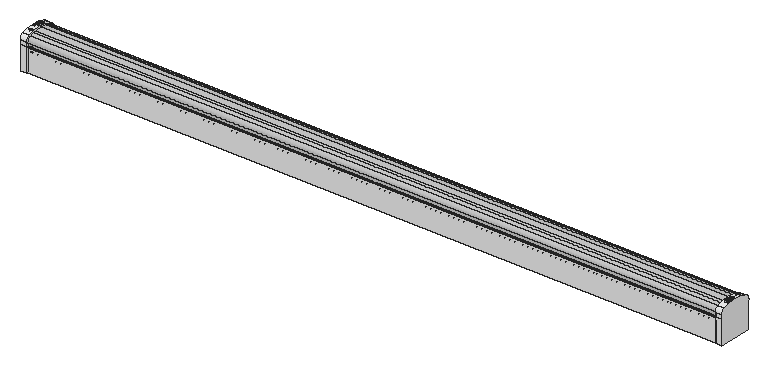
Revit family "Clevertronics_EPIC-1500-SEN-EM_AUB03510220001", category Lighting Fixtures, host Face, Revit 2020
Family settings
  Host = Face
  Round Connector Dimension = Use Diameter
  Part Type = Normal
  Cut with Voids When Loaded = No
  Light Source = Yes
  Shared = No
  Room Calculation Point = No
Parameters (values of type "EPIC-1500-SEN-EM_AUB03510220001")
  Wattage = 47.58 W
  built-in parameter 1150110 = 1 (stored number, unit not read)
  built-in parameter 1150109 = 1 (stored number, unit not read)
  built-in parameter 1150134 = 12
  built-in parameter 1150113 = 1 (stored number, unit not read)
  Tilt Angle = -90.00°
  Photometric Web File = "EPIC-1500-4K_IESA_G_TUV7191314725_20230817.IES"
  Model = "EPIC-1500-SEN-EM"
  Manufacturer = "Clevertronics"  # constant formula
  Emit from Line Length = 609.6 mm
  Description = "Epic 1500mm Diffused Emergency Batten, Switchable Colour"
  CreatedBy = ""
  Clevertronics_Width = 72 mm
  Clevertronics_Weight = "2.2 Kg"
  Clevertronics_Viewing Distance = "N/A"
  Clevertronics_Total Lumen Output = "6117 lm (128.6 lm/W)"
  Clevertronics_Testing System = "N/A"
  Clevertronics_Testing Node = "N/A"
  Clevertronics_Supply Current = "180mA +/- 20mA"
  Clevertronics_Replacement Battery = "Battery: 1560150"
  Clevertronics_Product Description = "Epic 1500mm Diffused Emergency Batten, Switchable Colour & Output"
  Clevertronics_Power Factor = "0.90 @ High Output"
  Clevertronics_Power Consumption = "47.58W"
  Clevertronics_Other Modules = ""  # constant formula
  Clevertronics_Operating Voltage = "220-240V~ 50Hz"
  Clevertronics_Operating Temperature = "1°C to 40°C"
  Clevertronics_Operating Mode = "SUSTAINED"
  Clevertronics_Mounting = "Surface Mount"
  Clevertronics_Material = Clevertronics_Plycarbonate Base
  Lumens = 6118.79 lm
  built-in parameter 1114217 = 1 (stored number, unit not read)
  built-in parameter 1150115 = 1 (stored number, unit not read)
  built-in parameter 1150105 = 486.92 (stored number, unit not read)
  built-in parameter 1150137 = 1
  built-in parameter 1150139 = (empty or 0)
  built-in parameter 1150112 = 1 (stored number, unit not read)
  built-in parameter 1150114 = 1 (stored number, unit not read)
  Lamp = "Dual LED strip module, 3000K warm white, 5700K cool white, >50,000hr life, Ra>80__L70/B50 Ta 40°C; Reported >54,000hr, Projected 158,000hr__L80/B50 Ta 40°C; Reported >54,000hr, Projected 99,000hr"
  built-in parameter 1150132 = (empty or 0)
  built-in parameter 1150102 = (empty or 0)
  built-in parameter 1150138 = (empty or 0)
  built-in parameter 1150107 = 4000 (stored number, unit not read)
  built-in parameter 1150106 = 4.8692 (stored number, unit not read)
  built-in parameter 1150104 = 11.947 (stored number, unit not read)
  Dimming Lamp Color Temperature Shift = <None>
  Default Elevation = 1200 mm
  Color Filter = 16777215
  Clevertronics_Stacked Symbol Position [instance] = 0
  Clevertronics_MIC Number = "AUB03510220001"
  Clevertronics_Length = 1533 mm
  Clevertronics_Inrush Current = "28.4A, <88µs"
  Clevertronics_Impact Rating = "IK03"
  Clevertronics_IP Rating = "IP20"
  Clevertronics_Height = 78 mm
  Clevertronics_Emergency Driver = "LED Driver : 1330069 EM Driver: AUM03670010001"
  Clevertronics_Earth Leakage = "0.152mA"
  Clevertronics_Driver/ Ballast = "LC 57W, 700-1050mA, flexC Ip SNC4"
  Clevertronics_Dimensions Main Enclosure = "L 1533mm x W 72mm x H 78mm"
  Clevertronics_Diffuser = "Co-extruded IP40 PC Diffuser Assembly"
  Clevertronics_Construction = "Powder Coated Sheet Metal Base, Co-extruded IP40 PC Diffuser Assembly, PC End Caps"
  Clevertronics_Charger Method = "Intelligent current limited constant voltage"
  Clevertronics_Battery Type = "Lithium Iron Phosphate"
  Clevertronics_Battery = "3.2V 3000mAh"
  Clevertronics_Applicable Standards = "AS/NZS3820, CISPR15, AS/NZS2293.3"
  Clevertronics_Annotation Vertical Offset [instance] = 0 mm
  Clevertronics_Annotation Size = 0 mm
  Clevertronics_Annotation Horizontal Offset [instance] = 0 mm
  Clevertronics_AS2293 Classification = "C0=D40 C90=D25"
  built-in parameter 1140040 [instance] = 1
  built-in parameter 1114218 = 1 (stored number, unit not read)
  built-in parameter 1150133 = 10 (stored number, unit not read)
  Assembly Code = ""
  Apparent Load = 0 VA
Reference planes
  plane 1 "Center (Front/Back)": y = 0
  plane 2: z = 0
  plane 3 "Center (Left/Right)": x = 0
  plane 4: y = -16.746
  plane 5: x = 759.289
Forms (mm)
  Extrusion 1, solid, material "Clevertronics_Metal, Powder Coated, White"
    sketch origin (0, 0, 0) x (0, 1, 0) y (0, 0, 1)
      loop
        line (-34, 47.888) -> (-34, 0) -> (34, 0) -> (34, 47.888) -> (-34, 47.888)
    from -752.5 to 752.5
  Extrusion 2, solid, material "Clevertronics_Metal, Powder Coated, White"
    sketch origin (0, 0, 0) x (0, 1, 0) y (0, 0, 1)
      loop
        line (-36, 52.408) -> (-36, 0) -> (36, 0) -> (36, 52.408) -> (36, 60.131)
        arc (36, 60.131) -> (33.916, 66.575) -> (28.656, 70.839) r 11.905
        arc (28.656, 70.839) -> (14.609, 75.128) -> (0, 76.645) r 76.257
        arc (0, 76.645) -> (-14.609, 75.128) -> (-28.656, 70.839) r 76.257
        arc (-28.656, 70.839) -> (-33.916, 66.575) -> (-36, 60.131) r 11.905
        line (-36, 60.131) -> (-36, 52.408)
    from 752.5 to 766.5
  Extrusion 3, solid, material "Clevertronics_Metal, Powder Coated, White"
    sketch origin (0, 0, 0) x (0, 1, 0) y (0, 0, -1)
      loop
        line (-36, -52.408) -> (-36, -60.131)
        arc (-36, -60.131) -> (-33.916, -66.575) -> (-28.656, -70.839) r 11.905
        arc (-28.656, -70.839) -> (-14.609, -75.128) -> (0, -76.645) r 76.257
        arc (0, -76.645) -> (14.609, -75.128) -> (28.656, -70.839) r 76.257
        arc (28.656, -70.839) -> (33.916, -66.575) -> (36, -60.131) r 11.905
        line (36, -60.131) -> (36, -52.408) -> (36, 0) -> (-36, 0) -> (-36, -52.408)
    from 752.5 to 766.5
  Extrusion 4, solid, material "Clevertronics_Diffuser"
    sketch origin (0, 0, 0) x (0, 1, 0) y (0, 0, 1)
      loop
        line (-34.069, 59.777) -> (-34.069, 51.88)
        arc (-34.069, 51.88) -> (-33.924, 50.796) -> (-33.5, 49.788) r 4.133
        arc (-33.5, 49.788) -> (-32.498, 48.413) -> (-30.88, 47.888) r 2.757
        line (-30.88, 47.888) -> (-28.532, 47.888)
        arc (-28.532, 47.888) -> (-27.825, 47.595) -> (-27.532, 46.888) r 1
        line (-27.532, 46.888) -> (-27.532, 42.271)
        arc (-27.532, 42.271) -> (-27.672, 41.769) -> (-28.05, 41.41) r 0.975
        arc (-28.05, 41.41) -> (-28.547, 41.043) -> (-28.86, 40.51) r 1.534
        arc (-28.86, 40.51) -> (-28.861, 39.627) -> (-28.395, 38.877) r 1.604
        arc (-28.395, 38.877) -> (-27.949, 38.586) -> (-27.659, 38.14) r 1.288
        arc (-27.659, 38.14) -> (-27.538, 37.699) -> (-27.532, 37.243) r 1.808
        line (-27.532, 37.243) -> (-27.532, 36.166) -> (-26.332, 36.166) -> (-26.332, 37.545)
        arc (-26.332, 37.545) -> (-26.601, 38.712) -> (-27.354, 39.643) r 2.666
        arc (-27.354, 39.643) -> (-27.655, 40.035) -> (-27.354, 40.427) r 0.406
        arc (-27.354, 40.427) -> (-26.657, 41.181) -> (-26.34, 42.157) r 2.392
        line (-26.34, 42.157) -> (-26.34, 42.98)
        arc (-26.34, 42.98) -> (-26.107, 43.299) -> (-25.732, 43.421) r 0.64
        line (-25.732, 43.421) -> (-24.946, 43.421) -> (-24.946, 44.426) -> (-25.759, 44.426)
        arc (-25.759, 44.426) -> (-26.144, 44.574) -> (-26.331, 44.943) r 0.575
        arc (-26.331, 44.943) -> (-26.103, 45.493) -> (-25.552, 45.721) r 0.779
        line (-25.552, 45.721) -> (-19.532, 45.721) -> (-19.532, 44.426) -> (-21.232, 44.426) -> (-21.232, 43.421) -> (0, 43.421) -> (21.232, 43.421) -> (21.232, 44.426) -> (19.532, 44.426) -> (19.532, 45.721) -> (25.552, 45.721)
        arc (25.552, 45.721) -> (26.103, 45.493) -> (26.331, 44.943) r 0.779
        arc (26.331, 44.943) -> (26.144, 44.574) -> (25.759, 44.426) r 0.575
        line (25.759, 44.426) -> (24.946, 44.426) -> (24.946, 43.421) -> (25.732, 43.421)
        arc (25.732, 43.421) -> (26.107, 43.299) -> (26.34, 42.98) r 0.64
        line (26.34, 42.98) -> (26.34, 42.157)
        arc (26.34, 42.157) -> (26.657, 41.181) -> (27.354, 40.427) r 2.392
        arc (27.354, 40.427) -> (27.655, 40.035) -> (27.354, 39.643) r 0.406
        arc (27.354, 39.643) -> (26.601, 38.712) -> (26.332, 37.545) r 2.666
        line (26.332, 37.545) -> (26.332, 36.166) -> (27.532, 36.166) -> (27.532, 37.243)
        arc (27.532, 37.243) -> (27.538, 37.699) -> (27.659, 38.14) r 1.808
        arc (27.659, 38.14) -> (27.949, 38.586) -> (28.395, 38.877) r 1.288
        arc (28.395, 38.877) -> (28.861, 39.627) -> (28.86, 40.51) r 1.604
        arc (28.86, 40.51) -> (28.547, 41.043) -> (28.05, 41.41) r 1.534
        arc (28.05, 41.41) -> (27.672, 41.769) -> (27.532, 42.271) r 0.975
        line (27.532, 42.271) -> (27.532, 46.888)
        arc (27.532, 46.888) -> (27.825, 47.595) -> (28.532, 47.888) r 1
        line (28.532, 47.888) -> (30.88, 47.888)
        arc (30.88, 47.888) -> (32.498, 48.413) -> (33.5, 49.788) r 2.757
        arc (33.5, 49.788) -> (33.924, 50.796) -> (34.069, 51.88) r 4.133
        line (34.069, 51.88) -> (34.069, 59.777)
        arc (34.069, 59.777) -> (32.342, 65.394) -> (27.757, 69.07) r 9.998
        arc (27.757, 69.07) -> (23.38, 70.69) -> (18.934, 72.108) r 101.656
        arc (18.934, 72.108) -> (16.467, 72.704) -> (13.989, 73.25) r 123.107
        arc (13.989, 73.25) -> (7.022, 74.221) -> (0, 74.623) r 86.5
        arc (0, 74.623) -> (-7.022, 74.221) -> (-13.989, 73.25) r 86.5
        arc (-13.989, 73.25) -> (-16.478, 72.752) -> (-18.934, 72.108) r 43.176
        arc (-18.934, 72.108) -> (-23.38, 70.69) -> (-27.757, 69.07) r 101.656
        arc (-27.757, 69.07) -> (-32.342, 65.394) -> (-34.069, 59.777) r 9.998
      loop
        line (-16.282, 45.721) -> (-18.118, 45.721)
        arc (-18.118, 45.721) -> (-18.532, 45.074) -> (-18.118, 44.426) r 0.713
        line (-18.118, 44.426) -> (0, 44.426) -> (18.118, 44.426)
        arc (18.118, 44.426) -> (18.532, 45.074) -> (18.118, 45.721) r 0.713
        line (18.118, 45.721) -> (16.282, 45.721) -> (16.282, 46.721) -> (25.799, 46.721)
        arc (25.799, 46.721) -> (26.268, 46.901) -> (26.498, 47.347) r 0.703
        arc (26.498, 47.347) -> (27.192, 48.509) -> (28.457, 48.991) r 2.062
        line (28.457, 48.991) -> (30.88, 48.888)
        arc (30.88, 48.888) -> (31.806, 49.132) -> (32.431, 49.857) r 1.617
        arc (32.431, 49.857) -> (32.728, 50.49) -> (32.978, 51.144) r 9.501
        line (32.978, 51.144) -> (33.071, 51.926) -> (33.071, 59.777)
        arc (33.071, 59.777) -> (31.56, 64.77) -> (27.534, 68.087) r 9.005
        arc (27.534, 68.087) -> (25.319, 68.975) -> (23.078, 69.798) r 82.593
        line (23.078, 69.798) -> (18.668, 71.135) -> (14.068, 72.23)
        arc (14.068, 72.23) -> (9.433, 72.986) -> (4.76, 73.456) r 76.595
        line (4.76, 73.456) -> (0, 73.622) -> (-4.76, 73.456)
        arc (-4.76, 73.456) -> (-9.433, 72.986) -> (-14.068, 72.23) r 76.595
        line (-14.068, 72.23) -> (-18.668, 71.135) -> (-23.078, 69.798)
        arc (-23.078, 69.798) -> (-25.319, 68.975) -> (-27.534, 68.087) r 82.593
        arc (-27.534, 68.087) -> (-31.56, 64.77) -> (-33.071, 59.777) r 9.005
        line (-33.071, 59.777) -> (-33.071, 51.926) -> (-32.978, 51.144)
        arc (-32.978, 51.144) -> (-32.728, 50.49) -> (-32.431, 49.857) r 9.501
        arc (-32.431, 49.857) -> (-31.806, 49.132) -> (-30.88, 48.888) r 1.617
        line (-30.88, 48.888) -> (-28.457, 48.991)
        arc (-28.457, 48.991) -> (-27.192, 48.509) -> (-26.498, 47.347) r 2.062
        arc (-26.498, 47.347) -> (-26.268, 46.901) -> (-25.799, 46.721) r 0.703
        line (-25.799, 46.721) -> (-16.282, 46.721) -> (-16.282, 45.721)
    from -751.5 to 752.5
  Extrusion 5, void
    sketch origin (0, 0, 0) x (1, 0, 0) y (0, 1, 0)
      loop
        arc (-762.875, -15.866) -> (-763.266, -16.003) -> (-763.487, -16.353) r 0.629
        line (-763.487, -16.353) -> (-763.487, -17.138)
        arc (-763.487, -17.138) -> (-763.266, -17.489) -> (-762.875, -17.625) r 0.629
        line (-762.875, -17.625) -> (-759.68, -17.625)
        arc (-759.68, -17.625) -> (-759.248, -17.624) -> (-758.88, -17.85) r 0.787
        line (-758.88, -17.85) -> (-758.88, -18.685)
        arc (-758.88, -18.685) -> (-758.564, -18.984) -> (-758.151, -18.847) r 0.423
        line (-758.151, -18.847) -> (-756.044, -17.169)
        arc (-756.044, -17.169) -> (-755.779, -16.746) -> (-756.044, -16.322) r 0.471
        line (-756.044, -16.322) -> (-758.151, -14.644)
        arc (-758.151, -14.644) -> (-758.564, -14.507) -> (-758.88, -14.806) r 0.423
        line (-758.88, -14.806) -> (-758.88, -15.641)
        arc (-758.88, -15.641) -> (-759.248, -15.868) -> (-759.68, -15.866) r 0.787
        line (-759.68, -15.866) -> (-762.875, -15.866)
    from 73.831 to 75.439
  Extrusion 6, void
    sketch origin (776.035, 776.025, 0) x (0, 1, 0) y (-1, 0, 0)
      loop
        line (-762.875, 15.866) -> (-759.68, 15.866)
        arc (-759.68, 15.866) -> (-759.248, 15.868) -> (-758.88, 15.641) r 0.787
        line (-758.88, 15.641) -> (-758.88, 14.806)
        arc (-758.88, 14.806) -> (-758.564, 14.507) -> (-758.151, 14.644) r 0.423
        line (-758.151, 14.644) -> (-756.044, 16.322)
        arc (-756.044, 16.322) -> (-755.779, 16.746) -> (-756.044, 17.169) r 0.471
        line (-756.044, 17.169) -> (-758.151, 18.847)
        arc (-758.151, 18.847) -> (-758.564, 18.984) -> (-758.88, 18.685) r 0.423
        line (-758.88, 18.685) -> (-758.88, 17.85)
        arc (-758.88, 17.85) -> (-759.248, 17.624) -> (-759.68, 17.625) r 0.787
        line (-759.68, 17.625) -> (-762.875, 17.625)
        arc (-762.875, 17.625) -> (-763.266, 17.489) -> (-763.487, 17.138) r 0.629
        line (-763.487, 17.138) -> (-763.487, 16.353)
        arc (-763.487, 16.353) -> (-763.266, 16.003) -> (-762.875, 15.866) r 0.629
    from 73.14 to 75.771
  Extrusion 7, solid
    sketch origin (0, 7.92, 1.026) x (1, 0, 0) y (0, 0.994522, 0.104528)
      loop
        circle (756.915, -14.552) r 1.585
      loop
        circle (756.915, -14.552) r 0.832
      loop
        line (758.685, -12.669) -> (758.685, -11.855) -> (757.354, -11.855)
        arc (757.354, -11.855) -> (756.667, -10.299) -> (756.062, -11.888) r 0.919
        line (756.062, -11.888) -> (755.253, -11.888) -> (755.253, -12.669) -> (758.685, -12.669)
      loop
        line (756.97, -9.252) -> (756.97, -7.635) -> (755.973, -7.998)
        arc (755.973, -7.998) -> (756.448, -10.019) -> (757.834, -8.474) r 1.171
        line (757.834, -8.474) -> (757.279, -7.682) -> (757.207, -8.501)
        arc (757.207, -8.501) -> (757.385, -8.97) -> (756.97, -9.252) r 0.405
      loop
        line (756.586, -9.25) -> (756.586, -8.453)
        arc (756.586, -8.453) -> (756.188, -8.852) -> (756.586, -9.25) r 0.398
      loop
        line (758.008, -5.855) -> (758.008, -5.046) -> (756.586, -5.046)
        arc (756.586, -5.046) -> (755.87, -5.659) -> (756.362, -6.462) r 0.726
        line (756.362, -6.462) -> (755.567, -6.462) -> (755.567, -7.267) -> (758.008, -7.267) -> (758.008, -6.462) -> (756.541, -6.462)
        arc (756.541, -6.462) -> (756.669, -6.038) -> (757.073, -5.855) r 0.536
        line (757.073, -5.855) -> (758.008, -5.855)
      loop
        line (760.183, -15.075) -> (760.183, -15.879) -> (762.558, -15.879)
        arc (762.558, -15.879) -> (763.049, -15.624) -> (763.121, -15.075) r 0.6
        arc (763.121, -15.075) -> (762.729, -14.583) -> (762.337, -15.075) r 0.402
        line (762.337, -15.075) -> (760.183, -15.075)
      loop
        line (763.082, -14.251) -> (763.082, -13.444) -> (761.94, -13.444)
        arc (761.94, -13.444) -> (761.638, -13.142) -> (761.94, -12.84) r 0.302
        line (761.94, -12.84) -> (763.082, -12.84) -> (763.082, -12.05) -> (761.66, -12.05)
        arc (761.66, -12.05) -> (760.891, -12.54) -> (761.012, -13.444) r 0.848
        line (761.012, -13.444) -> (760.183, -13.444) -> (760.183, -14.251) -> (763.082, -14.251)
      loop
        line (760.981, -10.711) -> (760.981, -11.517) -> (763.082, -11.517) -> (763.082, -10.711) -> (760.981, -10.711)
      loop
        line (760.848, -11.114) -> (760.087, -10.837) -> (759.327, -11.114) -> (760.087, -11.391) -> (760.848, -11.114)
      loop
        arc (760.715, -7.107) -> (759.937, -8.247) -> (760.675, -9.414) r 1.256
        line (760.675, -9.414) -> (762.067, -8.8)
        arc (762.067, -8.8) -> (762.681, -9.059) -> (762.389, -9.658) r 0.459
        line (762.389, -9.658) -> (762.668, -10.425)
        arc (762.668, -10.425) -> (763.224, -8.903) -> (761.861, -8.026) r 1.297
        arc (761.861, -8.026) -> (761.334, -8.609) -> (760.548, -8.613) r 0.975
        arc (760.548, -8.613) -> (760.578, -8.126) -> (760.991, -7.865) r 0.537
        line (760.991, -7.865) -> (760.715, -7.107)
      loop
        line (762.23, -5.659) -> (762.23, -4.043) -> (761.232, -4.406)
        arc (761.232, -4.406) -> (761.707, -6.426) -> (763.093, -4.881) r 1.171
        line (763.093, -4.881) -> (762.538, -4.089) -> (762.467, -4.908)
        arc (762.467, -4.908) -> (762.644, -5.377) -> (762.23, -5.659) r 0.405
      loop
        line (761.846, -5.657) -> (761.846, -4.861)
        arc (761.846, -4.861) -> (761.447, -5.259) -> (761.846, -5.657) r 0.398
      loop
        line (763.302, -2.27) -> (763.302, -1.462) -> (761.881, -1.462)
        arc (761.881, -1.462) -> (761.164, -2.074) -> (761.656, -2.878) r 0.726
        line (761.656, -2.878) -> (760.861, -2.878) -> (760.861, -3.682) -> (763.302, -3.682) -> (763.302, -2.878) -> (761.835, -2.878)
        arc (761.835, -2.878) -> (761.963, -2.453) -> (762.367, -2.27) r 0.536
        line (762.367, -2.27) -> (763.302, -2.27)
      loop
        line (759.93, 1.254) -> (759.93, 0.44) -> (761.261, 0.44)
        arc (761.261, 0.44) -> (761.948, -1.115) -> (762.553, 0.473) r 0.919
        line (762.553, 0.473) -> (763.361, 0.473) -> (763.361, 1.254) -> (759.93, 1.254)
    from 74.623 to 76.633
  Extrusion 8, solid
    sketch origin (0.416, -5.13, 0.438) x (-1, 0, 0) y (0, -0.997564, 0.069756)
      loop
        circle (762.369, -15.185) r 1.585
      loop
        circle (762.369, -15.185) r 0.832
      loop
        line (758.997, -12.591) -> (758.997, -11.777) -> (757.667, -11.777)
        arc (757.667, -11.777) -> (756.98, -10.221) -> (756.374, -11.81) r 0.919
        line (756.374, -11.81) -> (755.566, -11.81) -> (755.566, -12.591) -> (758.997, -12.591)
      loop
        line (757.283, -9.174) -> (757.283, -7.557) -> (756.286, -7.92)
        arc (756.286, -7.92) -> (756.76, -9.941) -> (758.146, -8.396) r 1.171
        line (758.146, -8.396) -> (757.592, -7.604) -> (757.52, -8.423)
        arc (757.52, -8.423) -> (757.698, -8.892) -> (757.283, -9.174) r 0.405
      loop
        line (756.899, -9.172) -> (756.899, -8.375)
        arc (756.899, -8.375) -> (756.501, -8.774) -> (756.899, -9.172) r 0.398
      loop
        line (758.32, -5.777) -> (758.32, -4.968) -> (756.899, -4.968)
        arc (756.899, -4.968) -> (756.182, -5.581) -> (756.675, -6.384) r 0.726
        line (756.675, -6.384) -> (755.879, -6.384) -> (755.879, -7.189) -> (758.32, -7.189) -> (758.32, -6.384) -> (756.854, -6.384)
        arc (756.854, -6.384) -> (756.981, -5.96) -> (757.385, -5.777) r 0.536
        line (757.385, -5.777) -> (758.32, -5.777)
      loop
        line (760.785, -12.278) -> (760.785, -13.082) -> (763.16, -13.082)
        arc (763.16, -13.082) -> (763.651, -12.827) -> (763.723, -12.278) r 0.6
        arc (763.723, -12.278) -> (763.331, -11.786) -> (762.939, -12.278) r 0.402
        line (762.939, -12.278) -> (760.785, -12.278)
      loop
        line (763.572, -11.469) -> (763.572, -10.663) -> (762.43, -10.663)
        arc (762.43, -10.663) -> (762.128, -10.361) -> (762.43, -10.058) r 0.302
        line (762.43, -10.058) -> (763.572, -10.058) -> (763.572, -9.268) -> (762.15, -9.268)
        arc (762.15, -9.268) -> (761.381, -9.759) -> (761.502, -10.663) r 0.848
        line (761.502, -10.663) -> (760.673, -10.663) -> (760.673, -11.469) -> (763.572, -11.469)
      loop
        line (762.653, -2.19) -> (762.653, -0.574) -> (761.656, -0.937)
        arc (761.656, -0.937) -> (762.13, -2.957) -> (763.516, -1.412) r 1.171
        line (763.516, -1.412) -> (762.962, -0.62) -> (762.89, -1.439)
        arc (762.89, -1.439) -> (763.068, -1.908) -> (762.653, -2.19) r 0.405
      loop
        line (762.269, -2.188) -> (762.269, -1.392)
        arc (762.269, -1.392) -> (761.871, -1.79) -> (762.269, -2.188) r 0.398
      loop
        line (763.725, 1.199) -> (763.725, 2.007) -> (762.304, 2.007)
        arc (762.304, 2.007) -> (761.587, 1.395) -> (762.08, 0.591) r 0.726
        line (762.08, 0.591) -> (761.284, 0.591) -> (761.284, -0.213) -> (763.725, -0.213) -> (763.725, 0.591) -> (762.259, 0.591)
        arc (762.259, 0.591) -> (762.386, 1.016) -> (762.79, 1.199) r 0.536
        line (762.79, 1.199) -> (763.725, 1.199)
      loop
        line (760.353, 4.723) -> (760.353, 3.909) -> (761.684, 3.909)
        arc (761.684, 3.909) -> (762.371, 2.354) -> (762.976, 3.942) r 0.919
        line (762.976, 3.942) -> (763.785, 3.942) -> (763.785, 4.723) -> (760.353, 4.723)
      loop
        circle (757.132, -14.435) r 1.585
      loop
        circle (757.132, -14.435) r 0.832
      loop
        line (762.634, -8.001) -> (762.634, -6.384) -> (761.637, -6.747)
        arc (761.637, -6.747) -> (762.112, -8.768) -> (763.498, -7.223) r 1.171
        line (763.498, -7.223) -> (762.943, -6.431) -> (762.871, -7.25)
        arc (762.871, -7.25) -> (763.049, -7.719) -> (762.634, -8.001) r 0.405
      loop
        line (762.25, -7.999) -> (762.25, -7.202)
        arc (762.25, -7.202) -> (761.852, -7.601) -> (762.25, -7.999) r 0.398
      loop
        line (763.532, -6.04) -> (763.532, -5.23) -> (762.75, -5.23)
        arc (762.75, -5.23) -> (762.321, -5.028) -> (762.204, -4.568) r 0.557
        line (762.204, -4.568) -> (761.414, -4.415) -> (761.823, -5.275)
        arc (761.823, -5.275) -> (761.43, -5.239) -> (761.037, -5.207) r 35.189
        line (761.037, -5.207) -> (761.037, -6.04) -> (763.532, -6.04)
    from 74.623 to 76.633
Cuts and joins
  Extrusion 5 cuts Extrusion 3
  Extrusion 6 cuts Extrusion 2
Dimensions and locks
  aligned and locked: host face to plane 2
  aligned and locked: host face to level
Connectors
  electrical at (0, 0, 0)
    settings: on Extrusion 1, index 1, voltage 220 V, apparent load 0 VA, apparent load phase1 53 VA, apparent load phase2 0 VA, apparent load phase3 0 VA, power factor 0.9, load classification "Other", number of poles 1, system type 31, power factor state 1, is connector primary yes, connector utility no, sub classification motor no, connector description ""
